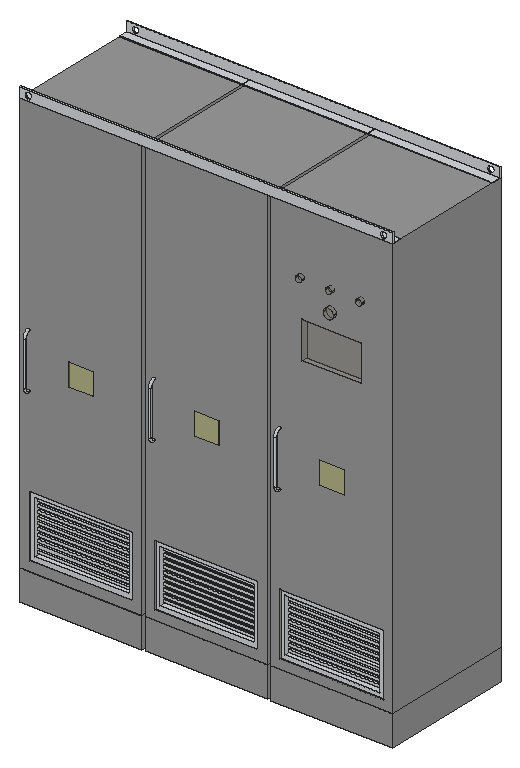
Revit family "SUN8000-500KTL", category 电气设备, Revit 2015
Parameters (values of type "SUN8000-500KTL")
  默认高程 = 3000 mm
  高 = 2180 mm
  额定输出功率 = 500000 W
  重量 = 1250.00 kN
  深 = 650 mm
  欧洲效率 = 98.50%
  最大输出电流 = 1080 A
  最大输入路数 = 8
  最大效率 = 98.70%
  宽 = 1800 mm
  MPP电压min = 500 V
  MPP电压max = 850 V
  最大交流输出功率 = 600000 W
  最低工作电压 = 475 V
  最大输入电压 = 1000 V
  额定输入电流 = 3000 A
  MPPT数量（2） = 2
  MPPT数量（1） = 1
Reference planes
  plane 1 "中心(前/后)": y = 0
  plane 2: z = 0
  plane 3 "中心(左/右)": x = 0
  plane 4: x = 900
  plane 5: x = -900
Forms (mm)
  Extrusion 1, solid
    sketch origin (900, 0, 2180) x (0, 0, -1) y (0, 1, 0)
      loop
        line (0, 0) -> (0, 50) -> (-3, 50) -> (-3, 3) -> (-50, 3) -> (-50, 0) -> (0, 0)
      loop
        line (0, 650) -> (-50, 650) -> (-50, 647) -> (-3, 647) -> (-3, 600) -> (0, 600) -> (0, 650)
    from 0 to -1800
  Extrusion 2, void
    sketch origin (900, 0, 2180) x (0, 0, -1) y (-1, 0, 0)
      loop
        circle (-24.531, 1757.131) r 15
      loop
        circle (-24.531, 42.869) r 15
    from -133.042 to 792.154
  Extrusion 3, solid, not visible
    sketch origin (900, 0, 2180) x (0, 0, -1) y (0, 1, 0)
      loop
        line (0, 0) -> (0, 50) -> (-3, 50) -> (-3, 3) -> (-50, 3) -> (-50, 0) -> (0, 0)
      loop
        line (0, 650) -> (-50, 650) -> (-50, 647) -> (-3, 647) -> (-3, 600) -> (0, 600) -> (0, 650)
    from 0 to -1800
Cuts and joins
  Extrusion 2 cuts Extrusion 1
Dimensions and locks
  "高": cut or joined group of Extrusion 1, Extrusion 2 to plane 2
  "宽": plane 4 to plane 5
  aligned and locked: level to plane 2
Automatic sketch dimensions
  Extrusion 1 sketch curve to Extrusion 1 sketch curve = 47 mm  (x4)
  Extrusion 1 to Extrusion 2 sketch curve = 24.531 mm  (x2)
  Extrusion 2 sketch curve to Extrusion 1 = 42.869 mm  (x2)
  Extrusion 3 sketch curve to Extrusion 3 sketch curve = 47 mm  (x4)
  radius of Extrusion 2 sketch curve = 15 mm  (x2)
Nested families
  nested 1: "G" at (230, 0, -7.102), type "G"
    with 高 2120 mm, 额定输出功率 1000000 W, 重量 4000.00 kg/m³, 输入路数 32, 类型2不可见 yes, 深 800 mm, 最大输出电流 2140 A, 最大效率 98.10%, 宽 4900 mm, Voc 880 V, Pmax 1100000 W, MPPT电压跟踪范围 450 V, Isc 3000 A, Imppt 2400 A
  nested 2: "qqqq" at (-375, 0, -7.102), type "qqqq"
    with 高 2120 mm, 额定输出功率 1000000 W, 重量 4000.00 kg/m³, 输入路数 32, 类型2不可见 yes, 深 800 mm, 最大输出电流 2140 A, 最大效率 98.10%, 宽 4900 mm, Voc 880 V, Pmax 1100000 W, MPPT电压跟踪范围 450 V, Isc 3000 A, Imppt 2400 A
  nested 3: "qqqq" at (-980, 0, -7.102), type "qqqq"
    with 高 2120 mm, 额定输出功率 1000000 W, 重量 4000.00 kg/m³, 输入路数 32, 类型2不可见 yes, 深 800 mm, 最大输出电流 2140 A, 最大效率 98.10%, 宽 4900 mm, Voc 880 V, Pmax 1100000 W, MPPT电压跟踪范围 450 V, Isc 3000 A, Imppt 2400 A
  nested 4: "G" at (2550, 0, -7.102), type "G", not visible
    with 高 2120 mm, 额定输出功率 1000000 W, 重量 4000.00 kg/m³, 输入路数 32, 类型2不可见 yes, 深 800 mm, 最大输出电流 2140 A, 最大效率 98.10%, 宽 4900 mm, Voc 880 V, Pmax 1100000 W, MPPT电压跟踪范围 450 V, Isc 3000 A, Imppt 2400 A
  nested 5: "qqqq" at (1945, 0, -7.102), type "qqqq", not visible
    with 高 2120 mm, 额定输出功率 1000000 W, 重量 4000.00 kg/m³, 输入路数 32, 类型2不可见 yes, 深 800 mm, 最大输出电流 2140 A, 最大效率 98.10%, 宽 4900 mm, Voc 880 V, Pmax 1100000 W, MPPT电压跟踪范围 450 V, Isc 3000 A, Imppt 2400 A
  nested 6: "qqqq" at (1340, 0, -7.102), type "qqqq", not visible
    with 高 2120 mm, 额定输出功率 1000000 W, 重量 4000.00 kg/m³, 输入路数 32, 类型2不可见 yes, 深 800 mm, 最大输出电流 2140 A, 最大效率 98.10%, 宽 4900 mm, Voc 880 V, Pmax 1100000 W, MPPT电压跟踪范围 450 V, Isc 3000 A, Imppt 2400 A
  nested 7: "G" at (230, 0, -7.102), type "G", not visible
    with 高 2120 mm, 额定输出功率 1000000 W, 重量 4000.00 kg/m³, 输入路数 32, 类型2不可见 yes, 深 800 mm, 最大输出电流 2140 A, 最大效率 98.10%, 宽 4900 mm, Voc 880 V, Pmax 1100000 W, MPPT电压跟踪范围 450 V, Isc 3000 A, Imppt 2400 A
  nested 8: "qqqq" at (-375, 0, -7.102), type "qqqq", not visible
    with 高 2120 mm, 额定输出功率 1000000 W, 重量 4000.00 kg/m³, 输入路数 32, 类型2不可见 yes, 深 800 mm, 最大输出电流 2140 A, 最大效率 98.10%, 宽 4900 mm, Voc 880 V, Pmax 1100000 W, MPPT电压跟踪范围 450 V, Isc 3000 A, Imppt 2400 A
  nested 9: "qqqq" at (-980, 0, -7.102), type "qqqq", not visible
    with 高 2120 mm, 额定输出功率 1000000 W, 重量 4000.00 kg/m³, 输入路数 32, 类型2不可见 yes, 深 800 mm, 最大输出电流 2140 A, 最大效率 98.10%, 宽 4900 mm, Voc 880 V, Pmax 1100000 W, MPPT电压跟踪范围 450 V, Isc 3000 A, Imppt 2400 A
Definition of nested family "G"
  Parameters (values of type "G")
    高 [instance] = 2120 mm
    额定输出功率 [instance] = 1000000 W
    铝合金 = none
    重量 [instance] = 4000.00 kg/m³
    输入路数 [instance] = 32
    装饰 = none
    绿色 = none
    红色 = none
    类型2不可见 [instance] = yes
    深 [instance] = 800 mm
    最大输出电流 [instance] = 2140 A
    最大效率 [instance] = 98.10%
    显示屏 = none
    宽 [instance] = 4900 mm
    安全标识 = none
    Voc [instance] = 880 V
    Pmax [instance] = 1100000 W
    MPPT电压跟踪范围 [instance] = 450 V
    Isc [instance] = 3000 A
    Imppt [instance] = 2400 A
  Reference planes
    plane 1 "中心(前/后)": y = 0
    plane 2: z = 0
    plane 3 "中心(左/右)": x = 0
    plane 4: x = 750
  Forms (mm)
    Extrusion 1, solid, material <- "铝合金"
      sketch origin (1259, 0, 7.102) x (1, 0, 0) y (0, 1, 0)
        loop
          line (-1179, 650) -> (-1179, 0) -> (-589, 0) -> (-589, 650) -> (-1179, 650)
      from 0 to 150
    Extrusion 2, solid, material <- "铝合金"
      sketch origin (1259, 0, 7.102) x (1, 0, 0) y (0, 1, 0)
        loop
          line (-1179, 650) -> (-1179, 0) -> (-589, 0) -> (-589, 650) -> (-1179, 650)
        loop
          line (-1129, 600) -> (-1129, 50) -> (-645.453, 50) -> (-645.453, 600) -> (-1129, 600)
      from 150 to 2180
    Extrusion 3, solid, material <- "铝合金"
      sketch origin (1259, 0, -92.898) x (1, 0, 0) y (0, 0, 1)
        loop
          line (-1129, 2280) -> (-1129, 2230) -> (-645.453, 2230) -> (-645.453, 2280) -> (-1129, 2280)
        loop
          line (-1129, 300) -> (-1129, 250) -> (-645.453, 250) -> (-645.453, 300) -> (-1129, 300)
      from -50 to -600
    Extrusion 4, solid
      sketch origin (1334, 0, -142.898) x (1, 0, 0) y (0, 0, 1)
        loop
          line (-1208.5, 645.606) -> (-1208.5, 346.606) -> (-709.5, 346.606) -> (-709.5, 645.606) -> (-1208.5, 645.606)
        loop
          line (-1188.5, 625.606) -> (-1188.5, 366.606) -> (-729.5, 366.606) -> (-729.5, 625.606) -> (-1188.5, 625.606)
      from -5 to -45
    Extrusion 5, solid
      sketch origin (1334, 0, -137.898) x (1, 0, 0) y (0, 0, 1)
        loop
          line (-1188.5, 608.168) -> (-1188.5, 595.18) -> (-729.5, 595.18) -> (-729.5, 608.168) -> (-1188.5, 608.168)
      from -32 to -22
    Sweep 6, solid
      path origin (670, 778.618, -118.518) x (0, -1, 0) y (0, 0, -1)
        loop
          arc (778.618, -1318.766) -> (796.296, -1311.444) -> (803.618, -1293.766) r 25
          line (803.618, -1293.766) -> (803.618, -1078.646)
          arc (803.618, -1078.646) -> (796.296, -1060.968) -> (778.618, -1053.646) r 25
      profile origin (670, -25, 1067.688) x (1, 0, 0) y (0, 1, 0)
        loop
          circle (-547.094, 0) r 5
    Extrusion 7, solid, material <- "安全标识"
      sketch origin (74, 0, 352.102) x (1, 0, 0) y (0, 0, 1)
        loop
          line (244.224, 778.056) -> (244.224, 668.056) -> (365.747, 668.056) -> (365.747, 778.056) -> (244.224, 778.056)
      from 0 to 2
    Extrusion 8, void
      sketch origin (-3721, 0, -142.898) x (1, 0, 0) y (0, 0, 1)
        loop
          line (3846.5, 646.606) -> (3846.5, 345.606) -> (4345.5, 345.606) -> (4345.5, 646.606) -> (3846.5, 646.606)
      from 0 to -50
    Extrusion 9, solid
      sketch origin (1334, 0, -162.898) x (1, 0, 0) y (0, 0, 1)
        loop
          line (-1188.5, 608.168) -> (-1188.5, 595.18) -> (-729.5, 595.18) -> (-729.5, 608.168) -> (-1188.5, 608.168)
      from -32 to -22
    Extrusion 10, solid
      sketch origin (1334, 0, -187.898) x (1, 0, 0) y (0, 0, 1)
        loop
          line (-1188.5, 608.168) -> (-1188.5, 595.18) -> (-729.5, 595.18) -> (-729.5, 608.168) -> (-1188.5, 608.168)
      from -32 to -22
    Extrusion 11, solid
      sketch origin (1334, 0, -212.898) x (1, 0, 0) y (0, 0, 1)
        loop
          line (-1188.5, 608.168) -> (-1188.5, 595.18) -> (-729.5, 595.18) -> (-729.5, 608.168) -> (-1188.5, 608.168)
      from -32 to -22
    Extrusion 12, solid
      sketch origin (1334, 0, -237.898) x (1, 0, 0) y (0, 0, 1)
        loop
          line (-1188.5, 608.168) -> (-1188.5, 595.18) -> (-729.5, 595.18) -> (-729.5, 608.168) -> (-1188.5, 608.168)
      from -32 to -22
    Extrusion 13, solid
      sketch origin (1334, 0, -262.898) x (1, 0, 0) y (0, 0, 1)
        loop
          line (-1188.5, 608.168) -> (-1188.5, 595.18) -> (-729.5, 595.18) -> (-729.5, 608.168) -> (-1188.5, 608.168)
      from -32 to -22
    Extrusion 14, solid
      sketch origin (1334, 0, -287.898) x (1, 0, 0) y (0, 0, 1)
        loop
          line (-1188.5, 608.168) -> (-1188.5, 595.18) -> (-729.5, 595.18) -> (-729.5, 608.168) -> (-1188.5, 608.168)
      from -32 to -22
    Extrusion 15, solid
      sketch origin (1334, 0, -312.898) x (1, 0, 0) y (0, 0, 1)
        loop
          line (-1188.5, 608.168) -> (-1188.5, 595.18) -> (-729.5, 595.18) -> (-729.5, 608.168) -> (-1188.5, 608.168)
      from -32 to -22
    Extrusion 16, solid
      sketch origin (1334, 0, -337.898) x (1, 0, 0) y (0, 0, 1)
        loop
          line (-1188.5, 608.168) -> (-1188.5, 595.18) -> (-729.5, 595.18) -> (-729.5, 608.168) -> (-1188.5, 608.168)
      from -32 to -22
    Extrusion 17, solid
      sketch origin (1334, 0, -362.898) x (1, 0, 0) y (0, 0, 1)
        loop
          line (-1188.5, 608.168) -> (-1188.5, 595.18) -> (-729.5, 595.18) -> (-729.5, 608.168) -> (-1188.5, 608.168)
      from -32 to -22
    Extrusion 18, void
      sketch origin (600, 0, 107.102) x (1, 0, 0) y (0, 0, -1)
        loop
          line (-370, -1601.568) -> (-80, -1601.568) -> (-80, -1421.568) -> (-370, -1421.568) -> (-370, -1601.568)
      from 30 to 0
    Extrusion 19, solid, material <- "显示屏"
      sketch origin (601, 0, 100) x (-1, 0, 0) y (0, 0, -1)
        loop
          line (371, -1608.67) -> (371, -1428.67) -> (81, -1428.67) -> (81, -1608.67) -> (371, -1608.67)
      from 0 to -30
    Extrusion 20, solid, material <- "绿色"
      sketch origin (601, 0, -45) x (-1, 0, 0) y (0, 0, -1)
        loop
          circle (370.815, -1934.102) r 15
        loop
          circle (225.815, -1934.102) r 15
      from 20 to 0
    Extrusion 21, solid, material <- "红色"
      sketch origin (601, 0, 0) x (-1, 0, 0) y (0, 0, -1)
        loop
          circle (80.704, -1889.102) r 15
      from 20 to 0
    Extrusion 22, solid, material <- "红色"
      sketch origin (601, 0, 0) x (-1, 0, 0) y (0, 0, -1)
        loop
          circle (225.815, -1789.102) r 25
      from 20 to 0
  Cuts and joins
    Extrusion 8, Extrusion 18 cuts Extrusion 2
    Extrusion 18 cuts Extrusion 3
    joined: Extrusion 2, Extrusion 3
  Dimensions and locks
    equal spacing: group 1, group 2, group 3, group 4, group 5, group 6, group 7, group 8, group 9, group 10  (x2)
    equal spacing: group 10, group 9, group 8, group 7, group 6, group 5, group 4, group 3, group 2, group 1
    aligned and locked: level to plane 2
    aligned and locked: Extrusion 1 sketch curve to cut or joined group of Extrusion 2, Extrusion 3, Extrusion 8, Extrusion 18  (x3)
    aligned and locked: plane 1 "中心(前/后)" to Sweep 6
Definition of nested family "qqqq"
  Parameters (values of type "qqqq")
    高 [instance] = 2120 mm
    额定输出功率 [instance] = 1000000 W
    铝合金 = none
    重量 [instance] = 4000.00 kg/m³
    输入路数 [instance] = 32
    装饰 = none
    绿色 = none
    红色 = none
    类型2不可见 [instance] = yes
    深 [instance] = 800 mm
    最大输出电流 [instance] = 2140 A
    最大效率 [instance] = 98.10%
    显示屏 = none
    宽 [instance] = 4900 mm
    安全标识 = none
    Voc [instance] = 880 V
    Pmax [instance] = 1100000 W
    MPPT电压跟踪范围 [instance] = 450 V
    Isc [instance] = 3000 A
    Imppt [instance] = 2400 A
  Reference planes
    plane 1 "中心(前/后)": y = 0
    plane 2: z = 0
    plane 3 "中心(左/右)": x = 0
    plane 4: x = 750
  Forms (mm)
    Extrusion 1, solid, material <- "铝合金"
      sketch origin (1259, 0, 7.102) x (1, 0, 0) y (0, 1, 0)
        loop
          line (-1179, 650) -> (-1179, 0) -> (-589, 0) -> (-589, 650) -> (-1179, 650)
      from 0 to 150
    Extrusion 2, solid, material <- "铝合金"
      sketch origin (1259, 0, 7.102) x (1, 0, 0) y (0, 1, 0)
        loop
          line (-1179, 650) -> (-1179, 0) -> (-589, 0) -> (-589, 650) -> (-1179, 650)
        loop
          line (-1129, 600) -> (-1129, 50) -> (-645.453, 50) -> (-645.453, 600) -> (-1129, 600)
      from 150 to 2180
    Extrusion 3, solid, material <- "铝合金"
      sketch origin (1259, 0, -92.898) x (1, 0, 0) y (0, 0, 1)
        loop
          line (-1129, 2280) -> (-1129, 2230) -> (-645.453, 2230) -> (-645.453, 2280) -> (-1129, 2280)
        loop
          line (-1129, 300) -> (-1129, 250) -> (-645.453, 250) -> (-645.453, 300) -> (-1129, 300)
      from -50 to -600
    Extrusion 4, solid
      sketch origin (1334, 0, -142.898) x (1, 0, 0) y (0, 0, 1)
        loop
          line (-1208.5, 645.606) -> (-1208.5, 346.606) -> (-709.5, 346.606) -> (-709.5, 645.606) -> (-1208.5, 645.606)
        loop
          line (-1188.5, 625.606) -> (-1188.5, 366.606) -> (-729.5, 366.606) -> (-729.5, 625.606) -> (-1188.5, 625.606)
      from -5 to -45
    Extrusion 5, solid
      sketch origin (1334, 0, -137.898) x (1, 0, 0) y (0, 0, 1)
        loop
          line (-1188.5, 608.168) -> (-1188.5, 595.18) -> (-729.5, 595.18) -> (-729.5, 608.168) -> (-1188.5, 608.168)
      from -32 to -22
    Sweep 6, solid
      path origin (670, 778.618, -118.518) x (0, -1, 0) y (0, 0, -1)
        loop
          arc (778.618, -1318.766) -> (796.296, -1311.444) -> (803.618, -1293.766) r 25
          line (803.618, -1293.766) -> (803.618, -1078.646)
          arc (803.618, -1078.646) -> (796.296, -1060.968) -> (778.618, -1053.646) r 25
      profile origin (670, -25, 1067.688) x (1, 0, 0) y (0, 1, 0)
        loop
          circle (-547.094, 0) r 5
    Extrusion 7, solid, material <- "安全标识"
      sketch origin (74, 0, 352.102) x (1, 0, 0) y (0, 0, 1)
        loop
          line (244.224, 778.056) -> (244.224, 668.056) -> (364.717, 668.056) -> (364.717, 778.056) -> (244.224, 778.056)
      from 0 to 2
    Extrusion 8, void
      sketch origin (-3721, 0, -142.898) x (1, 0, 0) y (0, 0, 1)
        loop
          line (3846.5, 646.606) -> (3846.5, 345.606) -> (4345.5, 345.606) -> (4345.5, 646.606) -> (3846.5, 646.606)
      from 0 to -50
    Extrusion 9, solid
      sketch origin (1334, 0, -162.898) x (1, 0, 0) y (0, 0, 1)
        loop
          line (-1188.5, 608.168) -> (-1188.5, 595.18) -> (-729.5, 595.18) -> (-729.5, 608.168) -> (-1188.5, 608.168)
      from -32 to -22
    Extrusion 10, solid
      sketch origin (1334, 0, -187.898) x (1, 0, 0) y (0, 0, 1)
        loop
          line (-1188.5, 608.168) -> (-1188.5, 595.18) -> (-729.5, 595.18) -> (-729.5, 608.168) -> (-1188.5, 608.168)
      from -32 to -22
    Extrusion 11, solid
      sketch origin (1334, 0, -212.898) x (1, 0, 0) y (0, 0, 1)
        loop
          line (-1188.5, 608.168) -> (-1188.5, 595.18) -> (-729.5, 595.18) -> (-729.5, 608.168) -> (-1188.5, 608.168)
      from -32 to -22
    Extrusion 12, solid
      sketch origin (1334, 0, -237.898) x (1, 0, 0) y (0, 0, 1)
        loop
          line (-1188.5, 608.168) -> (-1188.5, 595.18) -> (-729.5, 595.18) -> (-729.5, 608.168) -> (-1188.5, 608.168)
      from -32 to -22
    Extrusion 13, solid
      sketch origin (1334, 0, -262.898) x (1, 0, 0) y (0, 0, 1)
        loop
          line (-1188.5, 608.168) -> (-1188.5, 595.18) -> (-729.5, 595.18) -> (-729.5, 608.168) -> (-1188.5, 608.168)
      from -32 to -22
    Extrusion 14, solid
      sketch origin (1334, 0, -287.898) x (1, 0, 0) y (0, 0, 1)
        loop
          line (-1188.5, 608.168) -> (-1188.5, 595.18) -> (-729.5, 595.18) -> (-729.5, 608.168) -> (-1188.5, 608.168)
      from -32 to -22
    Extrusion 15, solid
      sketch origin (1334, 0, -312.898) x (1, 0, 0) y (0, 0, 1)
        loop
          line (-1188.5, 608.168) -> (-1188.5, 595.18) -> (-729.5, 595.18) -> (-729.5, 608.168) -> (-1188.5, 608.168)
      from -32 to -22
    Extrusion 16, solid
      sketch origin (1334, 0, -337.898) x (1, 0, 0) y (0, 0, 1)
        loop
          line (-1188.5, 608.168) -> (-1188.5, 595.18) -> (-729.5, 595.18) -> (-729.5, 608.168) -> (-1188.5, 608.168)
      from -32 to -22
    Extrusion 17, solid
      sketch origin (1334, 0, -362.898) x (1, 0, 0) y (0, 0, 1)
        loop
          line (-1188.5, 608.168) -> (-1188.5, 595.18) -> (-729.5, 595.18) -> (-729.5, 608.168) -> (-1188.5, 608.168)
      from -32 to -22
  Cuts and joins
    Extrusion 8 cuts Extrusion 2
    joined: Extrusion 2, Extrusion 3
  Dimensions and locks
    equal spacing: group 1, group 2, group 3, group 4, group 5, group 6, group 7, group 8, group 9, group 10  (x2)
    equal spacing: group 10, group 9, group 8, group 7, group 6, group 5, group 4, group 3, group 2, group 1
    aligned and locked: level to plane 2
    aligned and locked: Extrusion 1 sketch curve to cut or joined group of Extrusion 2, Extrusion 3, Extrusion 8  (x3)
    aligned and locked: plane 1 "中心(前/后)" to Sweep 6
